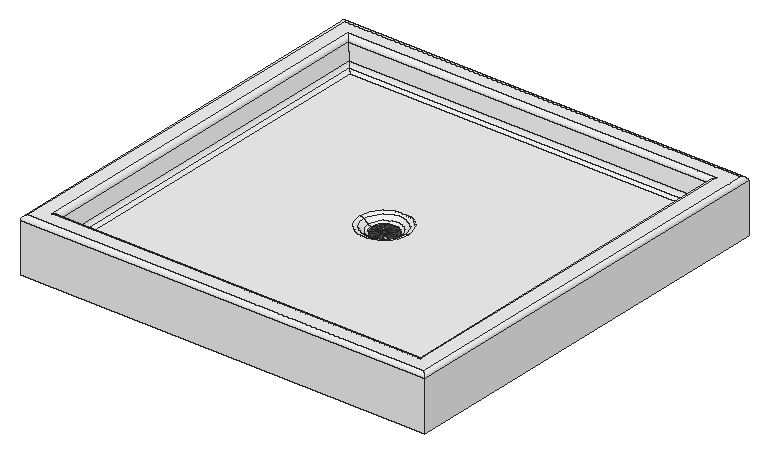
Revit family
Parameters (values of type "900 x 900mm")
  w2 = Depth * 0.5  # 457 mm
  w1 = Width * 0.5  # 457 mm
  Width = 914 mm
  Material = Porcelain - White
  Manufacturer = "Revit"
  Depth = 914 mm
  Assembly Code = ""
Types (2, lengths in mm): name | w1 | Width
  900 x 1200mm Wide | 607 | 1214
  900 x 900mm | 457 | 914
Reference planes
  plane 1 "Center (Front/Back)": y = 0
  plane 2: z = 0
  plane 3 "Center (Left/Right)": x = 0
  plane 4: x = -457
  plane 5: y = 457
  plane 6: x = 457
  plane 7: y = -457
  plane 8: x = 0
  plane 9: y = 0
Forms (mm)
  Sweep 1, solid, material "Porcelain - White" <- "Material"
    path origin (0, 0, 0) x (1, 0, 0) y (0, 1, 0)
      loop
        line (-457, 457) -> (-457, -457) -> (457, -457) -> (457, 457) -> (-457, 457)
    profile origin (0, 0, 0) x (0, 1, 0) y (0, 0, 1)
      loop
        line (457, 0) -> (457, 110)
        arc (457, 110) -> (454.071, 117.071) -> (447, 120) r 10
        line (447, 120) -> (417, 120)
        arc (417, 120) -> (409.929, 117.071) -> (407, 110) r 10
        line (407, 110) -> (401.149, 76.818)
        arc (401.149, 76.818) -> (399.193, 71.056) -> (395.595, 66.149) r 20
        line (395.595, 66.149) -> (389.446, 60) -> (389.446, 0) -> (457, 0)
  Extrusion 2, solid, material "Porcelain - White" <- "Material"
    sketch origin (0, 0, 0) x (1, 0, 0) y (0, 1, 0)
      loop
        circle (0, 0) r 30
      loop
        line (389.446, 389.446) -> (-389.446, 389.446) -> (-389.446, -389.446) -> (389.446, -389.446) -> (389.446, 389.446)
    from 0 to 60
  Revolve 3, void
    sketch origin (0, 0, 0) x (1, 0, 0) y (0, 0, 1)
      loop
        line (0, 45) -> (21.667, 45)
        arc (21.667, 45) -> (29.572, 46.283) -> (36.667, 50) r 25
        line (36.667, 50) -> (46, 57)
        arc (46, 57) -> (50.257, 59.23) -> (55, 60) r 15
        line (55, 60) -> (60, 60) -> (60, 70) -> (0, 70) -> (0, 45)
      axis (0, 45) -> (0, 70)
    angle from 0 to 360
  Extrusion 4, solid, material "Metal - Chrome"
    sketch origin (0, 0, 3.364) x (1, 0, 0) y (0, 1, 0)
      loop
        circle (0, 0) r 30
      loop
        arc (-2.144, 7.224) -> (-0.094, 5.174) -> (1.956, 7.224) r 2.05
        line (1.956, 7.224) -> (4.983, 21.53)
        arc (4.983, 21.53) -> (0, 26.513) -> (-4.983, 21.53) r 4.983
        line (-4.983, 21.53) -> (-2.144, 7.224)
      loop
        line (-2.144, -7.224) -> (-4.983, -21.53)
        arc (-4.983, -21.53) -> (0, -26.513) -> (4.983, -21.53) r 4.983
        line (4.983, -21.53) -> (1.956, -7.224)
        arc (1.956, -7.224) -> (-0.094, -5.174) -> (-2.144, -7.224) r 2.05
      loop
        arc (-7.224, -2.144) -> (-5.174, -0.094) -> (-7.224, 1.956) r 2.05
        line (-7.224, 1.956) -> (-21.53, 4.983)
        arc (-21.53, 4.983) -> (-26.513, 0) -> (-21.53, -4.983) r 4.983
        line (-21.53, -4.983) -> (-7.224, -2.144)
      loop
        line (7.224, -2.144) -> (21.53, -4.983)
        arc (21.53, -4.983) -> (26.513, 0) -> (21.53, 4.983) r 4.983
        line (21.53, 4.983) -> (7.224, 1.956)
        arc (7.224, 1.956) -> (5.174, -0.094) -> (7.224, -2.144) r 2.05
      loop
        arc (-6.624, 3.593) -> (-3.725, 3.593) -> (-3.725, 6.492) r 2.05
        line (-3.725, 6.492) -> (-11.701, 18.747)
        arc (-11.701, 18.747) -> (-18.747, 18.747) -> (-18.747, 11.701) r 4.983
        line (-18.747, 11.701) -> (-6.624, 3.593)
      loop
        line (3.593, -6.624) -> (11.701, -18.747)
        arc (11.701, -18.747) -> (18.747, -18.747) -> (18.747, -11.701) r 4.983
        line (18.747, -11.701) -> (6.492, -3.725)
        arc (6.492, -3.725) -> (3.593, -3.725) -> (3.593, -6.624) r 2.05
      loop
        arc (-3.593, -6.624) -> (-3.593, -3.725) -> (-6.492, -3.725) r 2.05
        line (-6.492, -3.725) -> (-18.747, -11.701)
        arc (-18.747, -11.701) -> (-18.747, -18.747) -> (-11.701, -18.747) r 4.983
        line (-11.701, -18.747) -> (-3.593, -6.624)
      loop
        line (6.624, 3.593) -> (18.747, 11.701)
        arc (18.747, 11.701) -> (18.747, 18.747) -> (11.701, 18.747) r 4.983
        line (11.701, 18.747) -> (3.725, 6.492)
        arc (3.725, 6.492) -> (3.725, 3.593) -> (6.624, 3.593) r 2.05
    from 40.065 to 43.065
Cuts and joins
  Revolve 3 cuts Sweep 1
  Revolve 3 cuts Extrusion 2
  joined: Sweep 1, Extrusion 2
Lines and regions (mm)
  Masking region 1
    outline origin (0, 0, 0) x (1, 0, 0) y (0, 1, 0)
      loop
        line (-457, -457) -> (457, -457) -> (457, 457) -> (-457, 457) -> (-457, -457)
  symbolic lines
    curve 1: line (-457, 457, 0) -> (457, 457, 0)
    curve 2: line (-457, -457, 0) -> (-457, 457, 0)
    curve 3: line (457, -457, 0) -> (-457, -457, 0)
    curve 4: line (457, 457, 0) -> (457, -457, 0)
    curve 5: line (-407, 407, 0) -> (407, 407, 0)
    curve 6: line (407, 407, 0) -> (407, -407, 0)
    curve 7: line (407, -407, 0) -> (-407, -407, 0)
    curve 8: line (-407, -407, 0) -> (-407, 407, 0)
    curve 9: circle (0, 0, 0) r 30 normal (0, 0, 1)
  symbolic lines, style "Hidden Linework"
    curve 10: line (-407, 407, 0) -> (396.255, -401.655, 0)
    curve 11: line (-407, -407, 0) -> (407, 407, 0)
Dimensions and locks
  "Width": plane 4 to plane 6
  "Depth": plane 7 to plane 5
  equal spacing: plane 7, plane 1 "Center (Front/Back)", plane 5
  equal spacing: plane 4, plane 3 "Center (Left/Right)", plane 6
  "w1": plane 4 to plane 8
  "w2": plane 9 to plane 5
  aligned and locked: plane 4 to Sweep 1 sketch curve
  aligned and locked: plane 5 to Sweep 1 sketch curve
  aligned and locked: plane 7 to Sweep 1 sketch curve
  aligned and locked: plane 6 to Sweep 1 sketch curve
  aligned and locked: Extrusion 2 sketch curve to Sweep 1  (x4)
  aligned and locked: Revolve 3 sketch curve to plane 8  (x2)
  aligned and locked: curve 1 to cut or joined group of Sweep 1, Extrusion 2, Revolve 3  (x2)
  aligned and locked: cut or joined group of Sweep 1, Extrusion 2, Revolve 3 to curve 4
  aligned and locked: curve 4 to cut or joined group of Sweep 1, Extrusion 2, Revolve 3
Automatic sketch dimensions
  Extrusion 2 sketch curve to plane 8 = 0 mm
  Extrusion 2 sketch curve to plane 9 = 0 mm
  Sweep 1 sketch curve to level = 0 mm
  Sweep 1 sketch curve to profile plane = 0 mm
  profile plane to Sweep 1 sketch curve = 10 mm
  Sweep 1 sketch curve to Sweep 1 sketch curve = 30 mm
  Sweep 1 sketch curve to Sweep 1 sketch curve = 10 mm
  Sweep 1 sketch curve to Sweep 1 sketch curve = 5.851 mm
  Sweep 1 sketch curve to Sweep 1 sketch curve = 5.554 mm
  Sweep 1 sketch curve to Sweep 1 sketch curve = 6.149 mm  (x2)
  Sweep 1 sketch curve to Sweep 1 sketch curve = 19.696 mm
  level to Sweep 1 sketch curve = 60 mm
  Sweep 1 sketch curve to Sweep 1 sketch curve = 10.669 mm
  Sweep 1 sketch curve to Sweep 1 sketch curve = 33.182 mm
  Revolve 3 sketch curve to plane 8 = 21.667 mm
  Revolve 3 sketch curve to Revolve 3 sketch curve = 15 mm
  Revolve 3 sketch curve to Revolve 3 sketch curve = 9.333 mm
  Revolve 3 sketch curve to Revolve 3 sketch curve = 9 mm
  Revolve 3 sketch curve to Revolve 3 sketch curve = 5 mm  (x2)
  Revolve 3 sketch curve to level = 508 mm
  level to Revolve 3 sketch curve = 45 mm
  Revolve 3 sketch curve to Revolve 3 sketch curve = 0 mm  (x2)
  Revolve 3 sketch curve to Revolve 3 sketch curve = 7 mm
  Revolve 3 sketch curve to Revolve 3 sketch curve = 558 mm
  Extrusion 4 sketch curve to plane 9 = 0 mm  (x3)
  Extrusion 4 sketch curve to plane 8 = 0 mm  (x3)
  plane 8 to Extrusion 4 sketch curve = 0.094 mm  (x2)
  Extrusion 4 sketch curve to Extrusion 4 sketch curve = 2.05 mm  (x2)
  Extrusion 4 sketch curve to Extrusion 4 sketch curve = 1.449 mm  (x12)
  Extrusion 4 sketch curve to Extrusion 4 sketch curve = 1.582 mm  (x3)
  plane 8 to Extrusion 4 sketch curve = 4.983 mm  (x2)
  plane 9 to Extrusion 4 sketch curve = 0.094 mm  (x2)
  Extrusion 4 sketch curve to Extrusion 4 sketch curve = 0.733 mm  (x2)
  Extrusion 4 sketch curve to Extrusion 4 sketch curve = 6.718 mm  (x4)
  Extrusion 4 sketch curve to Extrusion 4 sketch curve = 3.523 mm  (x12)
  Extrusion 4 sketch curve to plane 9 = 11.701 mm  (x2)
  plane 9 to Extrusion 4 sketch curve = 4.983 mm  (x2)
  Extrusion 4 sketch curve to Extrusion 4 sketch curve = 2.783 mm  (x4)
  Extrusion 4 sketch curve to Extrusion 4 sketch curve = 1.636 mm  (x2)
  Extrusion 4 sketch curve to Extrusion 4 sketch curve = 1.769 mm
  plane 9 to Extrusion 4 sketch curve = 3.725 mm
  Extrusion 4 sketch curve to plane 9 = 3.593 mm
  Extrusion 4 sketch curve to Extrusion 4 sketch curve = 0.6 mm  (x3)
  plane 9 to Extrusion 4 sketch curve = 11.701 mm
  Extrusion 4 sketch curve to Extrusion 4 sketch curve = 10.241 mm
  plane 9 to Extrusion 4 sketch curve = 7.224 mm
  curve 9 to plane 8 = 0 mm
  curve 9 to plane 9 = 0 mm
  curve 8 to plane 4 = 50 mm
  plane 6 to curve 10 = 60.745 mm
  curve 10 to curve 7 = 10.745 mm
  curve 7 to plane 7 = 50 mm
  curve 7 to curve 10 = 5.345 mm
  plane 5 to curve 10 = 50 mm
  Masking region 1 sketch curve to plane 4 = 0 mm
  Masking region 1 sketch curve to plane 6 = 0 mm
  Masking region 1 sketch curve to plane 7 = 0 mm
  Masking region 1 sketch curve to plane 5 = 0 mm
  radius of Extrusion 2 sketch curve = 30 mm
  radius of Extrusion 4 sketch curve = 30 mm
  radius of curve 9 = 30 mm
